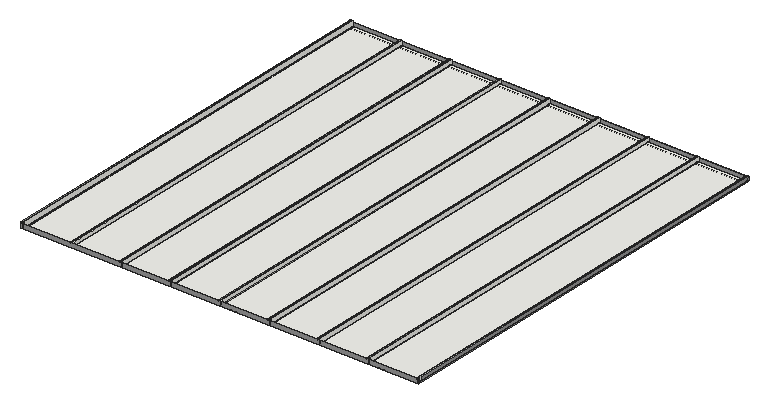
Revit family "FalsoTecho_THU_Lama-Roma autoportante", category Modelos genéricos, Revit 2016
Family settings
  Tipo de pieza = Normal
  Puede alojar armadura = No
  Cota de conector redondo = Diámetro de uso
  Número OmniClass = 23.35.70.24.11.17.14.11
  Título OmniClass = Metal Linear Ceilings
  Se basa en plano de trabajo = Sí
  Siempre vertical = No
  Corte con vacíos al cargar = Sí
  Compartido = No
  Punto de cálculo de habitación = No
Parameters (values of type "Acero_300mm")
  Tirantes_Separación real [instance] = (Rastrel_Longitud - (Tirante inicial_Distancia a extremo * 2)) / (Tirantes_Recuento - 1)  # 637.567 mm
  Tirantes_Recuento [instance] = (Rastrel_Longitud - (Tirante inicial_Distancia a extremo * 2)) / Tirantes_Separación aproximada + 2  # 4
  Tirantes_Separación aproximada [instance] = 1000 mm  # constant formula
  Tirante_Longitud [instance] = THU_Falso techo_Plenum altura  # 250 mm
  Tirante inicial_Distancia a extremo [instance] = if(Rastrel_Longitud < 1500 mm, 25 mm, 250 mm)  # 250 mm
  THU_Velo = no
  THU_Subestructura_Material = "Aceo galvanizado"
  THU_Subestructura_Color [instance] = THU_Acero galvanizado
  THU_Reacción al fuego = "A2-s1, d0"
  THU_Rastrel [instance] = if(Perfil T24, T24, if(Perfil T35, T35, if(Perfil DP100, DP100, T24)))  # Perfil_THU_T24 : Perfil T24-Primario
  THU_Lama_Material = "Acero"
  THU_Lama_Color [instance] = THU_Blanco-RAL9010
  THU_Lama = Lama_THU_Roma : Acero_300mm
  THU_Falso techo_Área [instance] = THU_Falso techo_Longitud * THU_Falso techo_Anchura  # 6.25 m²
  THU_Falso techo_Plenum altura [instance] = 250 mm
  THU_Falso techo_Longitud [instance] = 2500 mm
  THU_Falso techo_Anchura [instance] = 2500 mm
  THU_Falso techo_Altura libre [instance] = 2500 mm
  THU_Acabado = Acabado_THU_Lama-Venezia : Liso
  T35 [instance] = Perfil_THU_T35 : Perfil T35-Primario
  T24 [instance] = Perfil_THU_T24 : Perfil T24-Primario
  Solape vertical_Lama y rastrel = 28 mm  # constant formula
  Rastreles_Separación [instance] = (THU_Falso techo_Longitud) / Rastreles_Recuento  # 1250 mm
  Rastreles_Recuento (ml) [instance] = Rastrel_Longitud * Rastreles_Recuento  # 4825.4 mm
  Rastreles_Recuento [instance] = if(THU_Falso techo_Longitud / 2500 mm < 2, 2, (THU_Falso techo_Longitud) / 2050 mm)  # 2
  Rastrel_Simple [instance] = if(THU_Falso techo_Longitud < 2501 mm, 1 > 2, if(THU_Falso techo_Longitud / 2500 mm < 2, 1 < 2, 1 > 2))  # no
  Rastrel_Multiple [instance] = if(THU_Falso techo_Longitud < 2501 mm, 1 > 2, not(Rastrel_Simple))  # no
  Rastrel_Longitud [instance] = (Lamas_Recuento * Lama_Anchura) + (Lamas_Separación * (Lamas_Recuento - 1)) + 12.7 mm  # 2412.7 mm
  Rastrel_Desfase inicial [instance] = Rastreles_Separación / 2  # 625 mm
  Rastrel_Anchura = 30 mm  # constant formula
  Rastrel_Altura = 36 mm  # constant formula
  Página web del producto = "http://thu.es/producto/bandeja-roma/"
  Página web del fabricante = "http://thu.es/"
  Perfiles perimetrales_Desfase altura = 1 mm  # constant formula
  Perfil perimetral_Anchura [instance] = 24 mm  # constant formula
  Perfil perimetral trans_Longitud [instance] = Rastrel_Longitud + (Perfiles perimetrales_Distancia a bandeja * 2)  # 2416.7 mm
  Perfil perimetral long_Longitud [instance] = Lama_Longitud - Perfil perimetral_Anchura  # 2476 mm
  Perfil perimetral 04 [instance] = yes
  Perfil perimetral 03 [instance] = yes
  Perfil perimetral 02 [instance] = yes
  Perfiles perimetrales_Distancia a bandeja [instance] = 2 mm  # constant formula
  Perfil perimetral 01 [instance] = yes
  Perfil perimetral [instance] = Perfiles perimetrales_THU : (A)_L24x24
  Perfil T35 [instance] = no
  Perfil T24 [instance] = yes
  Perfil DP100 [instance] = no
  País de fabricación = "España"
  País de diseño = "España"
  Omniclass = "23.35.70.24.11.17.14.11"
  Número de edición (versión) = 1
  Nombre del objeto = "Lama Roma"
  NBS Reference Description = "Board suspended ceiling system"
  NBS Reference = "20-10-10/110"
  Marca = "THU"
  Manual de montaje = "http://thu.es/wp-content/uploads/manuals/MM-Techos-Bandejas-Roma.pdf"
  Lamas_Recuento (ml) [instance] = Lama_Longitud * Lamas_Recuento  # 20000 mm
  Lamas_Recuento [instance] = THU_Falso techo_Anchura / (Lama_Anchura + Lamas_Separación)  # 8
  Lamas_Separación [instance] = 0 mm  # constant formula
  Lama_Longitud [instance] = THU_Falso techo_Longitud  # 2500 mm
  Lama_Anchura = 300 mm
  Lama_Altura = 28 mm  # constant formula
  IFC Classification = "Ceiling"
  Grupo del producto = "Lamas"
  Ficha técnica = "http://thu.es/wp-content/uploads/datasheets/ft-bandejas-roma-thu.pdf"
  Ficha resumen = "http://thu.es/wp-content/uploads/datasheets/THU_Techos_metalicos_Bandeja_Roma.pdf"
  Fecha de publicación del objeto BIM = ""
  Famila del producto = "Techos metálicos"
  Falso techo_Grosor = Lama_Altura + Rastrel_Altura  # 64 mm
  Fabricante = "THU Perfil S.L."
  Default Elevation = 0 mm
  Descripción = "Falso techo metálico formado por lamas de aluminio prelacado de ancho 200 ó 300 mm, insertadas en pestañas de rastreles de paso de troquelado 200 (Venezia 200) ó 100 (Venezia 300) y colgadas del forjado superior mediante un sistema de varillas roscadas. La fijación de las lamas al rastrel se realiza mediante pestañas que se abren y cierran manualmente. De forma complementaria se utilizan clips de plástico para la fijación de las lamas entre si. La gama de acabados queda reducida a lamas prelacadas lisas; pudiendo estar perforada la lama tipo Venezia 300. El patrón del perforado de esta lama es el de 2,5 en U, de manera que la lama queda perforada aproximadamente en un 12,75%, dejando en su superficie vista márgenes de 10 mm sin perforar."
  Declaración de prestaciones = "http://thu.es/wp-content/uploads/declarations/dp_bandejas_roma.pdf"
  DP100 [instance] = Perfil_THU_DP(100) : Perfil DP100-Primario
  Comentarios de tipo = "Lamas Venezia para techo suspendido, para ser montadas en interior de edificios con con rastreles Venezia."
  COBie Type Category = "L387 : Suspended ceilings"
Types (3, lengths in mm): name | Tirantes_Separación real | THU_Lama_Material | THU_Lama | Rastreles_Recuento (ml) | Rastrel_Longitud | Perfil perimetral trans_Longitud | Lamas_Recuento (ml) | Lamas_Recuento | Lama_Anchura
  Acero_300mm | 637.567 | "Acero" | Lama_THU_Roma : Acero_300mm | 4825.4 | 2412.7 | 2416.7 | 20000 | 8 | 300
  Aluminio_300mm | 637.567 | "Aluminio" | Lama_THU_Roma : Aluminio_300mm | 4825.4 | 2412.7 | 2416.7 | 20000 | 8 | 300
  Aluminio_200mm | 704.233 | "Aluminio" | Lama_THU_Roma : Aluminio_200mm | 5225.4 | 2612.7 | 2616.7 | 32500 | 13 | 200
Reference planes
  plane 1 "Centro (Frontal/Posterior)": y = 0
  plane 2: z = 0
  plane 3 "Centro (Izquierda/Derecha)": x = 0
  plane 4 "Lamas_Límite inferior": z = 2500
  plane 5 "Rastreles_Límite inferior": z = 2500
  plane 6 "Rastreles_Límite superior": z = 2536
  plane 7 "Lamas_Límite superior": z = 2528
  plane 8 "Falso techo_Límite derecho": x = 2500
  plane 9 "Falso techo_Límite superior": y = 2500
  plane 10 "Tirantes_Límite superior": z = 2786
  plane 11: y = -625
  plane 12 "Perfiles perimetrales_Límite inferior": z = 2499
Dimensions and locks
  "Rastrel_Altura": plane 6 "Rastreles_Límite superior" to plane 5 "Rastreles_Límite inferior"
  "THU_Falso techo_Altura libre": level to plane 4 "Lamas_Límite inferior"
  "Lama_Altura": plane 7 "Lamas_Límite superior" to plane 4 "Lamas_Límite inferior"
  "Solape vertical_Lama y rastrel": plane 7 "Lamas_Límite superior" to plane 5 "Rastreles_Límite inferior"
  "THU_Falso techo_Longitud": plane 1 "Centro (Frontal/Posterior)" to plane 9 "Falso techo_Límite superior"
  "THU_Falso techo_Anchura": plane 3 "Centro (Izquierda/Derecha)" to plane 8 "Falso techo_Límite derecho"
  "THU_Falso techo_Plenum altura": plane 10 "Tirantes_Límite superior" to plane 6 "Rastreles_Límite superior"
  equal spacing: group 1, group 2, group 3, group 4, group 5, group 6, group 7, group 8  (x3)
  "Lamas_Separación": nested 2 to nested 1
  "Perfiles perimetrales_Distancia a bandeja": nested 9 to plane 3 "Centro (Izquierda/Derecha)"
  "Perfiles perimetrales_Distancia a bandeja": nested 9 to plane 1 "Centro (Frontal/Posterior)"
  "Perfiles perimetrales_Distancia a bandeja": nested 11 to plane 3 "Centro (Izquierda/Derecha)"
  "Perfiles perimetrales_Distancia a bandeja": plane 9 "Falso techo_Límite superior" to nested 11
  "Perfiles perimetrales_Distancia a bandeja": nested 12 to plane 3 "Centro (Izquierda/Derecha)"
  "Rastreles_Separación": plane 11 to nested 13
  "Rastrel_Desfase inicial": plane 11 to plane 1 "Centro (Frontal/Posterior)"
  group 9 to group 10 = 0 mm  (x2)
  group 9 to group 10 = 1250 mm
  "Rastreles_Separación": nested 13 to nested 14
  "Rastreles_Separación": nested 15 to plane 1 "Centro (Frontal/Posterior)"
  "Perfiles perimetrales_Desfase altura": plane 4 "Lamas_Límite inferior" to plane 12 "Perfiles perimetrales_Límite inferior"
  aligned and locked: level to plane 2
  aligned and locked: plane 7 "Lamas_Límite superior" to nested 1
  aligned and locked: plane 7 "Lamas_Límite superior" to nested 2
  aligned and locked: nested 9 to nested 12
  aligned and locked: nested 10 to nested 9
  aligned and locked: nested 9 to nested 10
  aligned and locked: plane 5 "Rastreles_Límite inferior" to nested 13
  aligned and locked: plane 5 "Rastreles_Límite inferior" to nested 14
Nested families
  nested 1: "Lama_THU_Roma" at (12.695, 0, 2528), Lama_Longitud <- "Lama_Longitud", THU_Color <- "THU_Lama_Color", Lama_Altura <- "Lama_Altura", Lama_Anchura <- "Lama_Anchura", type <- "THU_Lama", type "Acero_300mm"
    with THU_Recuento (ml) 2500 mm, THU_Material "Acero", THU_Color THU_Blanco-RAL9010, Lama_Longitud 2500 mm, Lama_Anchura 300 mm, Lama_Altura 28 mm
  nested 2: "Lama_THU_Roma" at (312.695, 0, 2528), Lama_Longitud <- "Lama_Longitud", THU_Color <- "THU_Lama_Color", Lama_Altura <- "Lama_Altura", Lama_Anchura <- "Lama_Anchura", type <- "THU_Lama", type "Acero_300mm"
    with THU_Recuento (ml) 2500 mm, THU_Material "Acero", THU_Color THU_Blanco-RAL9010, Lama_Longitud 2500 mm, Lama_Anchura 300 mm, Lama_Altura 28 mm
  nested 3: "Lama_THU_Roma" at (612.695, 0, 2528), Lama_Longitud <- "Lama_Longitud", THU_Color <- "THU_Lama_Color", Lama_Altura <- "Lama_Altura", Lama_Anchura <- "Lama_Anchura", type <- "THU_Lama", type "Acero_300mm"
    with THU_Recuento (ml) 2500 mm, THU_Material "Acero", THU_Color THU_Blanco-RAL9010, Lama_Longitud 2500 mm, Lama_Anchura 300 mm, Lama_Altura 28 mm
  nested 4: "Lama_THU_Roma" at (912.695, 0, 2528), Lama_Longitud <- "Lama_Longitud", THU_Color <- "THU_Lama_Color", Lama_Altura <- "Lama_Altura", Lama_Anchura <- "Lama_Anchura", type <- "THU_Lama", type "Acero_300mm"
    with THU_Recuento (ml) 2500 mm, THU_Material "Acero", THU_Color THU_Blanco-RAL9010, Lama_Longitud 2500 mm, Lama_Anchura 300 mm, Lama_Altura 28 mm
  nested 5: "Lama_THU_Roma" at (1212.695, 0, 2528), Lama_Longitud <- "Lama_Longitud", THU_Color <- "THU_Lama_Color", Lama_Altura <- "Lama_Altura", Lama_Anchura <- "Lama_Anchura", type <- "THU_Lama", type "Acero_300mm"
    with THU_Recuento (ml) 2500 mm, THU_Material "Acero", THU_Color THU_Blanco-RAL9010, Lama_Longitud 2500 mm, Lama_Anchura 300 mm, Lama_Altura 28 mm
  nested 6: "Lama_THU_Roma" at (1512.695, 0, 2528), Lama_Longitud <- "Lama_Longitud", THU_Color <- "THU_Lama_Color", Lama_Altura <- "Lama_Altura", Lama_Anchura <- "Lama_Anchura", type <- "THU_Lama", type "Acero_300mm"
    with THU_Recuento (ml) 2500 mm, THU_Material "Acero", THU_Color THU_Blanco-RAL9010, Lama_Longitud 2500 mm, Lama_Anchura 300 mm, Lama_Altura 28 mm
  nested 7: "Lama_THU_Roma" at (1812.695, 0, 2528), Lama_Longitud <- "Lama_Longitud", THU_Color <- "THU_Lama_Color", Lama_Altura <- "Lama_Altura", Lama_Anchura <- "Lama_Anchura", type <- "THU_Lama", type "Acero_300mm"
    with THU_Recuento (ml) 2500 mm, THU_Material "Acero", THU_Color THU_Blanco-RAL9010, Lama_Longitud 2500 mm, Lama_Anchura 300 mm, Lama_Altura 28 mm
  nested 8: "Lama_THU_Roma" at (2112.695, 0, 2528), Lama_Longitud <- "Lama_Longitud", THU_Color <- "THU_Lama_Color", Lama_Altura <- "Lama_Altura", Lama_Anchura <- "Lama_Anchura", type <- "THU_Lama", type "Acero_300mm"
    with THU_Recuento (ml) 2500 mm, THU_Material "Acero", THU_Color THU_Blanco-RAL9010, Lama_Longitud 2500 mm, Lama_Anchura 300 mm, Lama_Altura 28 mm
  nested 9: "Perfiles perimetrales_THU" at (-2, -2, 2499) x (0, 1, 0) z (0, 0, 1), visible <- "Perfil perimetral 01", THU_Color <- "THU_Subestructura_Color", THU_Material <- "THU_Subestructura_Material", Perfil_Longitud <- "Perfil perimetral trans_Longitud", Perfil_Anchura <- "Perfil perimetral_Anchura", type <- "Perfil perimetral", type "(A)_L24x24"
    with THU_Recuento (ml) 2416.7 mm, THU_Material "Aceo galvanizado", THU_Color THU_Acero galvanizado, Perfil_Longitud 2416.7 mm, Perfil_Anchura 24 mm
  nested 10: "Perfiles perimetrales_THU" at (2414.7, 22, 2499) x (-1, 0, 0) z (0, 0, 1), visible <- "Perfil perimetral 02", THU_Color <- "THU_Subestructura_Color", THU_Material <- "THU_Subestructura_Material", Perfil_Longitud <- "Perfil perimetral long_Longitud", Perfil_Anchura <- "Perfil perimetral_Anchura", type <- "Perfil perimetral", type "(A)_L24x24"
    with THU_Recuento (ml) 2476 mm, THU_Material "Aceo galvanizado", THU_Color THU_Acero galvanizado, Perfil_Longitud 2476 mm, Perfil_Anchura 24 mm
  nested 11: "Perfiles perimetrales_THU" at (-2, 2502, 2499) x (0, -1, 0) z (0, 0, 1), visible <- "Perfil perimetral 03", THU_Color <- "THU_Subestructura_Color", THU_Material <- "THU_Subestructura_Material", Perfil_Longitud <- "Perfil perimetral trans_Longitud", Perfil_Anchura <- "Perfil perimetral_Anchura", type <- "Perfil perimetral", type "(A)_L24x24"
    with THU_Recuento (ml) 2416.7 mm, THU_Material "Aceo galvanizado", THU_Color THU_Acero galvanizado, Perfil_Longitud 2416.7 mm, Perfil_Anchura 24 mm
  nested 12: "Perfiles perimetrales_THU" at (-2, 22, 2499), visible <- "Perfil perimetral 04", THU_Color <- "THU_Subestructura_Color", THU_Material <- "THU_Subestructura_Material", Perfil_Longitud <- "Perfil perimetral long_Longitud", Perfil_Anchura <- "Perfil perimetral_Anchura", type <- "Perfil perimetral", type "(A)_L24x24"
    with THU_Recuento (ml) 2476 mm, THU_Material "Aceo galvanizado", THU_Color THU_Acero galvanizado, Perfil_Longitud 2476 mm, Perfil_Anchura 24 mm
  nested 13: "Perfil_THU_T24" at (0, 625, 2499) x (0, -1, 0) z (0, 0, 1), type <- "THU_Rastrel", THU_Material <- "THU_Subestructura_Material", THU_Color <- "THU_Subestructura_Color", Tirantes_Recuento <- "Tirantes_Recuento", Tirante_Longitud <- "Tirante_Longitud", Tirante inicial_Distancia a extremo <- "Tirante inicial_Distancia a extremo", Perfil_Longitud <- "Rastrel_Longitud", visible <- "Rastrel_Multiple", type "Perfil T24-Primario"
    with Tirantes_Recuento 4, Tirante_Longitud 250 mm, Tirante inicial_Distancia a extremo 250 mm, THU_Recuento (ml) 2412.7 mm, THU_Material "Aceo galvanizado", THU_Color THU_Acero galvanizado, Perfil_Longitud 2412.7 mm, Perfil_Grosor superior 5 mm, Perfil_Grosor base 1 mm, Perfil_Altura alma 27 mm, Perfil_Altura 33 mm
  nested 14: "Perfil_THU_T24" at (0, 1875, 2499) x (0, -1, 0) z (0, 0, 1), type <- "THU_Rastrel", THU_Material <- "THU_Subestructura_Material", THU_Color <- "THU_Subestructura_Color", Tirantes_Recuento <- "Tirantes_Recuento", Tirante_Longitud <- "Tirante_Longitud", Tirante inicial_Distancia a extremo <- "Tirante inicial_Distancia a extremo", Perfil_Longitud <- "Rastrel_Longitud", visible <- "Rastrel_Multiple", type "Perfil T24-Primario"
    with Tirantes_Recuento 4, Tirante_Longitud 250 mm, Tirante inicial_Distancia a extremo 250 mm, THU_Recuento (ml) 2412.7 mm, THU_Material "Aceo galvanizado", THU_Color THU_Acero galvanizado, Perfil_Longitud 2412.7 mm, Perfil_Grosor superior 5 mm, Perfil_Grosor base 1 mm, Perfil_Altura alma 27 mm, Perfil_Altura 33 mm
  nested 15: "Perfil_THU_T24" at (0, 1250, 2499) x (0, -1, 0) z (0, 0, 1), Tirante inicial_Distancia a extremo <- "Tirante inicial_Distancia a extremo", Tirante_Longitud <- "Tirante_Longitud", Tirantes_Recuento <- "Tirantes_Recuento", visible <- "Rastrel_Simple", THU_Color <- "THU_Subestructura_Color", THU_Material <- "THU_Subestructura_Material", Perfil_Longitud <- "Rastrel_Longitud", type <- "THU_Rastrel", type "Perfil T24-Primario"
    with Tirantes_Recuento 4, Tirante_Longitud 250 mm, Tirante inicial_Distancia a extremo 250 mm, THU_Recuento (ml) 2412.7 mm, THU_Material "Aceo galvanizado", THU_Color THU_Acero galvanizado, Perfil_Longitud 2412.7 mm, Perfil_Grosor superior 5 mm, Perfil_Grosor base 1 mm, Perfil_Altura alma 27 mm, Perfil_Altura 33 mm
Definition of nested family "Lama_THU_Roma"
  Parameters (values of type "Acero_300mm")
    THU_Recuento (ml) [instance] = Lama_Longitud  # 1000 mm
    THU_Mediciones = 1 < 2  # yes
    THU_Material [instance] = "Acero"
    THU_Color [instance] = none
    Nombre del objeto = "Lama Roma 300"
    Lama_Longitud [instance] = 1000 mm
    Lama_Anchura [instance] = 300 mm
    Lama_Altura [instance] = 28 mm
    Default Elevation = 0 mm
  Types (3, lengths in mm): name | THU_Material | Nombre del objeto | Lama_Anchura
    Acero_300mm | "Acero" | "Lama Roma 300" | 300
    Aluminio_300mm | "Aluminio" | "Lama Roma 300" | 300
    Aluminio_200mm | "Aluminio" | "Lama Roma 200" | 200
  Reference planes
    plane 1 "Centro (Frontal/Posterior)": y = 0
    plane 2: z = 0
    plane 3 "Centro (Izquierda/Derecha)": x = 0
    plane 4 "Lama_Borde izquierdo": x = 0
    plane 5 "Lama_Borde derecho": x = 300
    plane 6: y = 1000
  Forms (mm)
    Extrusion 1, solid, material <- "THU_Color"
      sketch origin (180.919, 0, -13.159) x (-1, 0, 0) y (0, 0, -1)
        loop
          arc (179.919, -12.159) -> (180.212, -12.867) -> (180.919, -13.159) r 1
          line (180.919, -13.159) -> (192.08, -13.159)
          arc (192.08, -13.159) -> (192.723, -12.925) -> (193.065, -12.333) r 1
          line (193.065, -12.333) -> (193.614, -9.22) -> (192.629, -9.047) -> (192.224, -11.341)
          arc (192.224, -11.341) -> (191.885, -11.928) -> (191.249, -12.159) r 0.991
          line (191.249, -12.159) -> (181.909, -12.159)
          arc (181.909, -12.159) -> (181.209, -11.87) -> (180.919, -11.17) r 0.99
          line (180.919, -11.17) -> (180.919, 13.861)
          arc (180.919, 13.861) -> (180.632, 14.554) -> (179.939, 14.841) r 0.98
          line (179.939, 14.841) -> (-118.081, 14.841)
          arc (-118.081, 14.841) -> (-118.788, 14.548) -> (-119.081, 13.841) r 1
          line (-119.081, 13.841) -> (-119.081, -11.168)
          arc (-119.081, -11.168) -> (-118.788, -11.875) -> (-118.081, -12.168) r 1
          line (-118.081, -12.168) -> (-110.92, -12.168)
          arc (-110.92, -12.168) -> (-110.277, -11.934) -> (-109.935, -11.342) r 1
          line (-109.935, -11.342) -> (-109.386, -8.229) -> (-110.371, -8.055) -> (-110.777, -10.355)
          arc (-110.777, -10.355) -> (-111.113, -10.938) -> (-111.746, -11.168) r 0.984
          line (-111.746, -11.168) -> (-117.424, -11.168)
          arc (-117.424, -11.168) -> (-117.888, -10.976) -> (-118.081, -10.511) r 0.657
          line (-118.081, -10.511) -> (-118.081, 12.874)
          arc (-118.081, 12.874) -> (-117.798, 13.557) -> (-117.114, 13.841) r 0.967
          line (-117.114, 13.841) -> (178.929, 13.841)
          arc (178.929, 13.841) -> (179.629, 13.551) -> (179.919, 12.85) r 0.99
          line (179.919, 12.85) -> (179.919, -12.159)
      from 0 to -1000
  Dimensions and locks
    "Lama_Anchura": plane 5 "Lama_Borde derecho" to plane 4 "Lama_Borde izquierdo"
    "Lama_Longitud": plane 1 "Centro (Frontal/Posterior)" to plane 6
    locked: Extrusion 1 sketch curve to Extrusion 1 sketch curve at 1  (x7)
    "Lama_Anchura": Extrusion 1 sketch curve to Extrusion 1 sketch curve
    "Lama_Altura": Extrusion 1 sketch curve to Extrusion 1 sketch curve
    aligned and locked: level to plane 2
    aligned and locked: Extrusion 1 to plane 6
    aligned and locked: plane 1 "Centro (Frontal/Posterior)" to Extrusion 1
  Automatic sketch dimensions
    Extrusion 1 sketch curve to plane 5 "Lama_Borde derecho" = 0 mm
    Extrusion 1 sketch curve to plane 3 "Centro (Izquierda/Derecha)" = 0 mm
    Extrusion 1 sketch curve to level = 0 mm
    Extrusion 1 sketch curve to Extrusion 1 sketch curve = 0 mm
    Extrusion 1 sketch curve to plane 5 "Lama_Borde derecho" = 1 mm
    Extrusion 1 sketch curve to Extrusion 1 sketch curve = 0.657 mm
    Extrusion 1 sketch curve to Extrusion 1 sketch curve = 0.967 mm
    Extrusion 1 sketch curve to Extrusion 1 sketch curve = 5.678 mm
    Extrusion 1 sketch curve to Extrusion 1 sketch curve = 0.826 mm
    Extrusion 1 sketch curve to level = 2.805 mm
    Extrusion 1 sketch curve to Extrusion 1 sketch curve = 0.143 mm
    Extrusion 1 sketch curve to Extrusion 1 sketch curve = 0.405 mm  (x2)
    Extrusion 1 sketch curve to level = 1.818 mm
    Extrusion 1 sketch curve to Extrusion 1 sketch curve = 0.985 mm
    Extrusion 1 sketch curve to Extrusion 1 sketch curve = 0.99 mm
    plane 3 "Centro (Izquierda/Derecha)" to Extrusion 1 sketch curve = 0.98 mm
    Extrusion 1 sketch curve to plane 3 "Centro (Izquierda/Derecha)" = 0.99 mm
    Extrusion 1 sketch curve to Extrusion 1 sketch curve = 9.34 mm
    Extrusion 1 sketch curve to Extrusion 1 sketch curve = 0.831 mm
    Extrusion 1 sketch curve to level = 1.819 mm
    Extrusion 1 sketch curve to Extrusion 1 sketch curve = 0.144 mm
    Extrusion 1 sketch curve to level = 4.113 mm
    Extrusion 1 sketch curve to level = 0.826 mm
    Extrusion 1 sketch curve to level = 0.991 mm
Definition of nested family "Perfiles perimetrales_THU"
  Parameters (values of type "U20")
    U = yes
    THU_Recuento (ml) [instance] = Perfil_Longitud  # 1000 mm
    THU_Mediciones = 1 < 2  # yes
    THU_Material [instance] = "Acero galvanizado"
    THU_Color [instance] = none
    RC = no
    Perfil_Longitud [instance] = 1000 mm
    Perfil_Grosor = 1 mm
    Perfil_Anchura [instance] = 15 mm
    Perfil_Altura = 20 mm
    Nombre del objeto = "Perfil U20"
    (A)_(F) = no
    Default Elevation = 0 mm
    (D)_Perfil cornisa = no
  Types (7, lengths in mm): name | U | THU_Material | RC | Perfil_Anchura | Perfil_Altura | Nombre del objeto | (A)_(F) | (D)_Perfil cornisa
    (A)_L24x24 | no | "Acero galvanizado" | no | 24 | 24 | "(A)_L24x24" | yes | no
    (D)_Perfil cornisa | no | "Acero galvanizado" | no | 18 | 37 | "(D)_Perfil cornisa" | no | yes
    (F)_Angular PVC | no | "PVC" | no | 28 | 22 | "(F)_Angular PVC" | yes | no
    (A)_L15x33 | no | "Acero galvanizado" | no | 15 | 33 | "(A)_L24x24" | yes | no
    U40 | yes | "Acero galvanizado" | no | 15 | 42 | "Perfil U40" | no | no
    RC | no | "Acero galvanizado" | yes | 28 | 20 | "Perfil RC" | no | no
    U20 | yes | "Acero galvanizado" | no | 15 | 20 | "Perfil U20" | no | no
  Reference planes
    plane 1 "Centro (Frontal/Posterior)": y = 0
    plane 2: z = 0
    plane 3 "Centro (Izquierda/Derecha)": x = 0
    plane 4 "Perfil_Cara superior": z = 20
    plane 5: x = 15
    plane 6: y = -1000
  Forms (mm)
    Extrusion 1, solid, material <- "THU_Color", visible <- "(A)_(F)", detail levels medium+fine
      sketch origin (0, 0, 0) x (1, 0, 0) y (0, 0, 1)
        loop
          line (0, 20) -> (0, 0) -> (15, 0) -> (15, 1) -> (1, 1) -> (1, 20) -> (0, 20)
      from 0 to 1000
    Extrusion 2, solid, material <- "THU_Color", visible <- "(D)_Perfil cornisa", detail levels medium+fine
      sketch origin (0, 0, 0) x (1, 0, 0) y (0, 0, 1)
        loop
          line (1, 20) -> (0, 20) -> (0, 1) -> (-13, 1) -> (-13, 22) -> (-14, 22) -> (-14, 0) -> (15, 0) -> (15, 1) -> (1, 1) -> (1, 20)
      from 0 to 1000
    Extrusion 3, solid, material <- "THU_Color", visible <- "U", detail levels medium+fine
      sketch origin (0, 0, 0) x (1, 0, 0) y (0, 0, 1)
        loop
          line (0, 0) -> (15, 0) -> (15, 1) -> (1, 1) -> (1, 19) -> (15, 19) -> (15, 20) -> (0, 20) -> (0, 0)
      from 0 to 1000
    Extrusion 4, solid, material <- "THU_Color", visible <- "RC"
      sketch origin (0, 0, 0) x (1, 0, 0) y (0, 0, 1)
        loop
          line (15, 0) -> (15, 1) -> (1.398, 1) -> (1.398, 1.948) -> (7.436, 4.764)
          arc (7.436, 4.764) -> (8.592, 7.941) -> (5.415, 9.097) r 2.391
          line (5.415, 9.097) -> (1, 7.038) -> (1, 19) -> (6.5, 19) -> (6.5, 17.2) -> (7.5, 17.2) -> (7.5, 20) -> (0, 20) -> (0, 5.469) -> (5.838, 8.191)
          arc (5.838, 8.191) -> (7.686, 7.518) -> (7.013, 5.67) r 1.391
          line (7.013, 5.67) -> (0, 2.4) -> (0, 0) -> (15, 0)
      from 0 to 1000
  Dimensions and locks
    "Perfil_Altura": plane 4 "Perfil_Cara superior" to level
    "Perfil_Anchura": plane 5 to plane 3 "Centro (Izquierda/Derecha)"
    locked: Extrusion 2 sketch curve to Extrusion 2 sketch curve at 1  (x3)
    locked: Extrusion 2 sketch curve to Extrusion 1 at 13
    locked: Extrusion 2 sketch curve to level at 22
    "Perfil_Longitud": plane 6 to plane 1 "Centro (Frontal/Posterior)"
    locked: Extrusion 3 sketch curve to Extrusion 3 sketch curve at 1  (x3)
    locked: Extrusion 4 sketch curve to Extrusion 4 sketch curve at 1  (x6)
    locked: Extrusion 4 sketch curve to Extrusion 4 sketch curve at 1.398
    aligned and locked: level to plane 2
    aligned and locked: plane 5 to Extrusion 1 sketch curve
    aligned and locked: Extrusion 1 sketch curve to plane 4 "Perfil_Cara superior"
    aligned and locked: plane 4 "Perfil_Cara superior" to Extrusion 2 sketch curve
    aligned and locked: plane 5 to Extrusion 2 sketch curve
    aligned and locked: plane 3 "Centro (Izquierda/Derecha)" to Extrusion 2 sketch curve
    aligned and locked: Extrusion 1 sketch curve to plane 3 "Centro (Izquierda/Derecha)"
    aligned and locked: plane 6 to Extrusion 2
    aligned and locked: plane 6 to Extrusion 1
    aligned and locked: Extrusion 3 sketch curve to plane 5
    aligned and locked: plane 5 to Extrusion 3 sketch curve
    aligned and locked: Extrusion 3 sketch curve to plane 4 "Perfil_Cara superior"
    aligned and locked: Extrusion 3 sketch curve to plane 2
    aligned and locked: plane 3 "Centro (Izquierda/Derecha)" to Extrusion 3 sketch curve
    aligned and locked: Extrusion 3 to plane 1 "Centro (Frontal/Posterior)"
    aligned and locked: Extrusion 3 to plane 6
    aligned and locked: Extrusion 4 sketch curve to plane 4 "Perfil_Cara superior"
    aligned and locked: plane 3 "Centro (Izquierda/Derecha)" to Extrusion 4 sketch curve  (x2)
    aligned and locked: level to Extrusion 4 sketch curve
    aligned and locked: plane 5 to Extrusion 4 sketch curve
    aligned and locked: Extrusion 4 to plane 6
  Automatic sketch dimensions
    Extrusion 1 sketch curve to level = 0 mm
    plane 3 "Centro (Izquierda/Derecha)" to Extrusion 1 sketch curve = 1 mm
    level to Extrusion 1 sketch curve = 1 mm
    Extrusion 2 sketch curve to level = 0 mm
    Extrusion 2 sketch curve to Extrusion 2 sketch curve = 0 mm
    Extrusion 4 sketch curve to Extrusion 4 sketch curve = 0 mm
    Extrusion 4 sketch curve to Extrusion 4 sketch curve = 4.415 mm
    Extrusion 4 sketch curve to Extrusion 4 sketch curve = 0.423 mm  (x2)
    Extrusion 4 sketch curve to Extrusion 4 sketch curve = 0.588 mm  (x2)
    Extrusion 4 sketch curve to Extrusion 4 sketch curve = 5.5 mm
    Extrusion 4 sketch curve to Extrusion 4 sketch curve = 0.948 mm
    Extrusion 4 sketch curve to Extrusion 4 sketch curve = 0.452 mm
    Extrusion 4 sketch curve to Extrusion 4 sketch curve = 3.069 mm
    Extrusion 4 sketch curve to Extrusion 4 sketch curve = 1.26 mm
    Extrusion 4 sketch curve to Extrusion 4 sketch curve = 1.8 mm
Definition of nested family "Perfil_THU_T24"
  Parameters (values of type "Perfil T24-Secundario")
    Tirantes_Recuento [instance] = 2
    Tirantes = no
    Tirante_Longitud [instance] = 250 mm
    Tirante inicial_Distancia a extremo [instance] = 250 mm
    THU_Recuento (ml) [instance] = Perfil_Longitud  # 1000 mm
    THU_Mediciones = 1 < 2  # yes
    THU_Material [instance] = "Acero galvanizado"
    THU_Color [instance] = none
    Perfil_Longitud [instance] = 1000 mm
    Perfil_Anchura base = 24 mm  # constant formula
    Perfil_Grosor base [instance] = 1 mm  # constant formula
    Perfil_Anchura superior = 6.5 mm  # constant formula
    Perfil_Altura [instance] = 33 mm
    Nombre del objeto = "Perfil T24"
    Default Elevation = 0 mm
    Perfil_Grosor alma = 1 mm  # constant formula
    Perfil_Grosor superior [instance] = 5 mm  # constant formula
    Perfil_Altura alma [instance] = Perfil_Altura - (Perfil_Grosor base + Perfil_Grosor superior)  # 27 mm
  Types (2, lengths in mm): name | Tirantes
    Perfil T24-Primario | yes
    Perfil T24-Secundario | no
  Reference planes
    plane 1 "Centro (Frontal/Posterior)": y = 0
    plane 2: z = 0
    plane 3 "Centro (Izquierda/Derecha)": x = 0
    plane 4 "Perfil_Cara superior": z = 33
    plane 5 "Tirante_Cara inferior": z = 26
  Forms (mm)
    Extrusion 1, solid, material <- "THU_Color", detail levels medium+fine
      sketch origin (0, 0, 47.063) x (1, 0, 0) y (0, 0, -1)
        loop
          line (3.25, 14.063) -> (3.25, 19.063) -> (0.5, 19.063) -> (0.5, 46.063) -> (12, 46.063) -> (12, 47.063) -> (-12, 47.062) -> (-12, 46.062) -> (-0.5, 46.063) -> (-0.5, 19.063) -> (-3.25, 19.063) -> (-3.25, 14.063) -> (3.25, 14.063)
      from 0 to 1000
  Lines and regions (mm)
    reference lines
      curve 1: line (-19.494, 0, 0) -> (20.506, 0, 0)
  Dimensions and locks
    "Perfil_Anchura superior": Extrusion 1 sketch curve to Extrusion 1 sketch curve
    equal spacing: Extrusion 1 sketch curve, plane 3 "Centro (Izquierda/Derecha)", Extrusion 1 sketch curve  (x3)
    "Perfil_Grosor alma": Extrusion 1 sketch curve to Extrusion 1 sketch curve
    "Perfil_Grosor superior": Extrusion 1 sketch curve to Extrusion 1 sketch curve
    "Perfil_Altura alma": Extrusion 1 sketch curve to Extrusion 1 sketch curve
    "Perfil_Anchura base": Extrusion 1 sketch curve to Extrusion 1 sketch curve
    "Perfil_Longitud": Extrusion 1 to Extrusion 1
    "Perfil_Altura": plane 4 "Perfil_Cara superior" to level
    "Tirante inicial_Distancia a extremo": plane 1 "Centro (Frontal/Posterior)" to nested 1
    locked: plane 4 "Perfil_Cara superior" to plane 5 "Tirante_Cara inferior" at 7
    group 1 to group 2 = 0 mm  (x2)
    group 1 to group 2 = 500 mm
    "Tirante inicial_Distancia a extremo": Extrusion 1 to nested 2
    "Perfil_Grosor base": Extrusion 1 sketch curve to Extrusion 1 sketch curve
    aligned and locked: level to plane 2
    aligned and locked: Extrusion 1 sketch curve to Extrusion 1 sketch curve
    aligned and locked: Extrusion 1 to level
    aligned and locked: plane 4 "Perfil_Cara superior" to Extrusion 1  (x2)
    aligned and locked: plane 3 "Centro (Izquierda/Derecha)" to nested 1
    aligned and locked: nested 1 to plane 5 "Tirante_Cara inferior"  (x2)
    aligned and locked: nested 2 to plane 5 "Tirante_Cara inferior"
    aligned and locked: plane 2 to curve 1
    aligned and locked: curve 1 to Extrusion 1 sketch curve
  Automatic sketch dimensions
    curve 1 to plane 3 "Centro (Izquierda/Derecha)" = 19.494 mm
    plane 3 "Centro (Izquierda/Derecha)" to curve 1 = 20.506 mm
    Extrusion 1 sketch curve to Extrusion 1 sketch curve = 0 mm
  Nested families
    nested 1: "Tirantes_THU" at (0, 250, 26), Tirante_Longitud <- "Tirante_Longitud", visible <- "Tirantes", Tirante_Material <- "THU_Color", type "Tirante - Perfiles", detail levels fine
      with Tirante_Material none, Tirante_Longitud 250 mm
    nested 2: "Tirantes_THU" at (0, 750, 26), Tirante_Longitud <- "Tirante_Longitud", visible <- "Tirantes", Tirante_Material <- "THU_Color", type "Tirante - Perfiles", detail levels fine
      with Tirante_Material none, Tirante_Longitud 250 mm
  Definition of nested family "Tirantes_THU"
    Parameters (values of type "Tirante - Perfil triangular")
      Tirante_Material [instance] = none
      Tirante_Longitud [instance] = 250 mm
      Pieza de cuelgue_Altura = 20 mm
      Pieza de cualgue_Anchura = 26 mm
      Perfiles = no
      Perfil triangular = yes
      Rastreles = no
      Default Elevation = 0 mm
    Types (3, lengths in mm): name | Pieza de cuelgue_Altura | Pieza de cualgue_Anchura | Perfiles | Perfil triangular | Rastreles
      Tirante - Rastreles | 40 | 10 | no | no | yes
      Tirante - Perfil triangular | 20 | 26 | no | yes | no
      Tirante - Perfiles | 20 | 10.5 | yes | no | no
    Reference planes
      plane 1 "Centro (Frontal/Posterior)": y = 0
      plane 2: z = 0
      plane 3 "Centro (Izquierda/Derecha)": x = 0
      plane 4 "Perfil_Cara superior": z = 20
      plane 5 "Tirantes_Límite superior": z = 250
      plane 6 "Pieza de cuelgue_Lateral izquierdo": x = -13
      plane 7 "Pieza de cuelgue_Lateral derecho": x = 13
    Forms (mm)
      Extrusion 1, solid, material <- "Tirante_Material"
        sketch origin (0, 0, 0) x (1, 0, 0) y (0, 1, 0)
          loop
            circle (0, 0) r 1.5
        from 20 to 250
      Extrusion 2, solid, material <- "Tirante_Material", visible <- "Perfiles"
        sketch origin (0, 0, 0) x (1, 0, 0) y (0, 0, 1)
          loop
            line (-13, 20) -> (-13, 0) -> (-8.759, 0) -> (-8.759, 2) -> (-10.518, 2) -> (-10.518, 11) -> (10.518, 11) -> (10.518, 2) -> (8.759, 2) -> (8.759, 0) -> (13, 0) -> (13, 20) -> (-13, 20)
        from -1 to 1
      Extrusion 3, solid, material <- "Tirante_Material", visible <- "Perfil triangular"
        sketch origin (0, 0, 0) x (1, 0, 0) y (0, 0, 1)
          loop
            line (0, 20) -> (-13, 20) -> (-13, 18) -> (-1, 18) -> (-1, 2.022) -> (-13, 2.022) -> (-13, 0) -> (0, 0) -> (13, 0) -> (13, 2.022) -> (1, 2.022) -> (1, 18) -> (13, 18) -> (13, 20) -> (0, 20)
        from -7.5 to 7.5
      Extrusion 4, solid, material <- "Tirante_Material", visible <- "Rastreles"
        sketch origin (0, 0, 0) x (1, 0, 0) y (0, 0, 1)
          loop
            line (-13, 0) -> (13, 0) -> (13, 20) -> (-13, 20) -> (-13, 0)
        from -1 to 1
    Dimensions and locks
      equal spacing: Extrusion 2, plane 1 "Centro (Frontal/Posterior)", Extrusion 2
      "Tirante_Longitud": plane 5 "Tirantes_Límite superior" to level
      "Pieza de cuelgue_Altura": plane 4 "Perfil_Cara superior" to level
      "Pieza de cualgue_Anchura": plane 7 "Pieza de cuelgue_Lateral derecho" to plane 6 "Pieza de cuelgue_Lateral izquierdo"
      equal spacing: plane 7 "Pieza de cuelgue_Lateral derecho", plane 3 "Centro (Izquierda/Derecha)", plane 6 "Pieza de cuelgue_Lateral izquierdo"
      locked: Extrusion 2 sketch curve to Extrusion 2 sketch curve at 2.482  (x2)
      locked: Extrusion 2 sketch curve to Extrusion 2 sketch curve at 9
      locked: Extrusion 2 sketch curve to Extrusion 2 sketch curve at 4.241  (x2)
      locked: Extrusion 3 sketch curve to Extrusion 3 sketch curve at 2  (x2)
      locked: Extrusion 3 sketch curve to Extrusion 3 sketch curve at 2.022
      aligned and locked: level to plane 2
      aligned and locked: plane 5 "Tirantes_Límite superior" to Extrusion 1
      aligned and locked: Extrusion 1 to plane 4 "Perfil_Cara superior"
      aligned and locked: Extrusion 1 to Extrusion 2
      aligned and locked: Extrusion 2 to level
      aligned and locked: Extrusion 3 sketch curve to Extrusion 3 sketch curve  (x4)
      aligned and locked: plane 4 "Perfil_Cara superior" to Extrusion 4 sketch curve
      aligned and locked: plane 7 "Pieza de cuelgue_Lateral derecho" to Extrusion 4 sketch curve
      aligned and locked: Extrusion 4 sketch curve to plane 6 "Pieza de cuelgue_Lateral izquierdo"
      aligned and locked: plane 6 "Pieza de cuelgue_Lateral izquierdo" to Extrusion 2 sketch curve
      aligned and locked: Extrusion 3 sketch curve to plane 7 "Pieza de cuelgue_Lateral derecho"
      aligned and locked: Extrusion 3 sketch curve to plane 6 "Pieza de cuelgue_Lateral izquierdo"
      aligned and locked: Extrusion 2 sketch curve to Extrusion 2 sketch curve
    Automatic sketch dimensions
      plane 1 "Centro (Frontal/Posterior)" to Extrusion 1 sketch curve = 0 mm
      Extrusion 1 sketch curve to plane 3 "Centro (Izquierda/Derecha)" = 0 mm
      Extrusion 2 sketch curve to level = 0 mm  (x2)
      Extrusion 2 sketch curve to plane 4 "Perfil_Cara superior" = 0 mm
      level to Extrusion 2 sketch curve = 2 mm
      Extrusion 3 sketch curve to plane 4 "Perfil_Cara superior" = 0 mm
      Extrusion 3 sketch curve to level = 0 mm
      Extrusion 3 sketch curve to plane 3 "Centro (Izquierda/Derecha)" = 0 mm  (x2)
      plane 3 "Centro (Izquierda/Derecha)" to Extrusion 3 sketch curve = 1 mm
      Extrusion 2 sketch curve to plane 7 "Pieza de cuelgue_Lateral derecho" = 0 mm
      Extrusion 4 sketch curve to level = 0 mm
      radius of Extrusion 1 sketch curve = 1.5 mm
